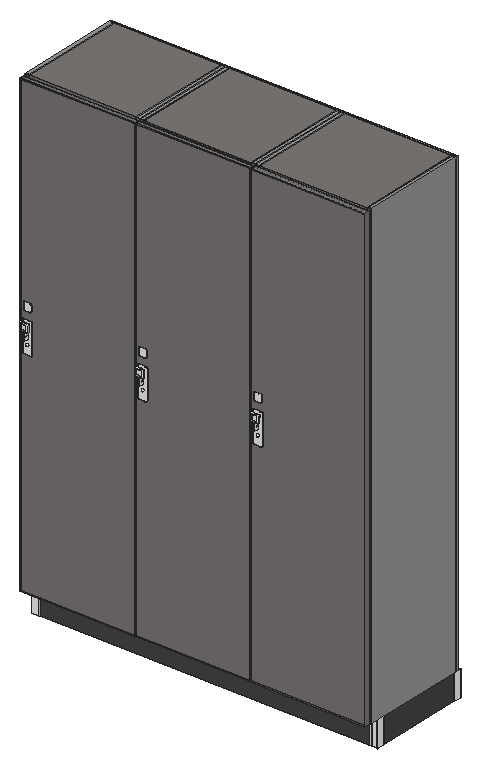
Revit family "Wood_Lockers_Hasps-Salsbury_Industries-18_41000_Series-3_Wide_Units.rfa", category Specialty Equipment, Revit 2016 (continued)
Definition of nested family "Premier Locker Doors_Hasp"
  Forms (in)
    Extrusion 6, solid, visible <- "Visible Number Plates", detail levels medium+fine
      sketch origin (-1.875, -0.375, 0) x (1, 0, 0) y (0, 0, 1)
        loop
          arc (-6.41334, 40.75) -> (-6.51881, 40.70631) -> (-6.5625, 40.60084) r 0.14916
          line (-6.5625, 40.60084) -> (-6.5625, 39.64916)
          arc (-6.5625, 39.64916) -> (-6.51881, 39.54369) -> (-6.41334, 39.5) r 0.14916
          line (-6.41334, 39.5) -> (-5.46166, 39.5)
          arc (-5.46166, 39.5) -> (-5.35619, 39.54369) -> (-5.3125, 39.64916) r 0.14916
          line (-5.3125, 39.64916) -> (-5.3125, 40.60084)
          arc (-5.3125, 40.60084) -> (-5.35619, 40.70631) -> (-5.46166, 40.75) r 0.14916
          line (-5.46166, 40.75) -> (-6.41334, 40.75)
      from -0.062 to 0
    Extrusion 7, solid, detail levels medium+fine
      sketch origin (0, 0.375, 0) x (1, 0, 0) y (0, 0, 1)
        loop
          circle (-8.4875, 71.3) r 0.25
      from 0 to -0.25
    Extrusion 8, solid, detail levels medium+fine
      sketch origin (0, 0.375, 0) x (1, 0, 0) y (0, 0, 1)
        loop
          line (8.3125, 68.5) -> (8.3125, 69) -> (7.8125, 69) -> (7.8125, 68.5) -> (8.3125, 68.5)
      from 0 to -0.25
    Extrusion 9, solid, detail levels medium+fine
      sketch origin (0, 0.375, -0.25) x (1, 0, 0) y (0, 0, 1)
        loop
          line (8.3125, 3) -> (8.3125, 3.5) -> (7.8125, 3.5) -> (7.8125, 3) -> (8.3125, 3)
      from 0 to -0.25
    Extrusion 10, solid, visible <- "Visible Center Hinge", detail levels medium+fine
      sketch origin (0, 0.375, -0.25) x (1, 0, 0) y (0, 0, 1)
        loop
          line (8.3125, 35.875) -> (8.3125, 36.375) -> (7.8125, 36.375) -> (7.8125, 35.875) -> (8.3125, 35.875)
      from 0 to -0.25
    Extrusion 11, void
      sketch origin (-1.875, -0.375, 0) x (1, 0, 0) y (0, 0, 1)
        loop
          arc (-6.5625, 38.3125) -> (-6.65089, 38.27589) -> (-6.6875, 38.1875) r 0.125
          line (-6.6875, 38.1875) -> (-6.6875, 33.5625)
          arc (-6.6875, 33.5625) -> (-6.65089, 33.47411) -> (-6.5625, 33.4375) r 0.125
          line (-6.5625, 33.4375) -> (-5.3125, 33.4375)
          arc (-5.3125, 33.4375) -> (-5.22411, 33.47411) -> (-5.1875, 33.5625) r 0.125
          line (-5.1875, 33.5625) -> (-5.1875, 38.1875)
          arc (-5.1875, 38.1875) -> (-5.22411, 38.27589) -> (-5.3125, 38.3125) r 0.125
          line (-5.3125, 38.3125) -> (-6.5625, 38.3125)
      from -0.062 to 0
    Extrusion 12, solid
      sketch origin (-1.875, -0.375, 0) x (1, 0, 0) y (0, 0, 1)
        loop
          line (-5.3125, 38.3125) -> (-6.5625, 38.3125)
          arc (-6.5625, 38.3125) -> (-6.65089, 38.27589) -> (-6.6875, 38.1875) r 0.125
          line (-6.6875, 38.1875) -> (-6.6875, 33.5625)
          arc (-6.6875, 33.5625) -> (-6.65089, 33.47411) -> (-6.5625, 33.4375) r 0.125
          line (-6.5625, 33.4375) -> (-5.3125, 33.4375)
          arc (-5.3125, 33.4375) -> (-5.22411, 33.47411) -> (-5.1875, 33.5625) r 0.125
          line (-5.1875, 33.5625) -> (-5.1875, 38.1875)
          arc (-5.1875, 38.1875) -> (-5.22411, 38.27589) -> (-5.3125, 38.3125) r 0.125
      from 0 to -0.062
    Extrusion 13, void
      sketch origin (-1.875, -0.375, 0) x (1, 0, 0) y (0, 0, 1)
        loop
          line (-6.1255, 36.6245) -> (-6.1255, 35.74816)
          arc (-6.1255, 35.74816) -> (-5.9375, 35.56016) -> (-5.7495, 35.74816) r 0.188
          line (-5.7495, 35.74816) -> (-5.7495, 36.6245)
          arc (-5.7495, 36.6245) -> (-5.9375, 36.8125) -> (-6.1255, 36.6245) r 0.188
      from 0 to -0.75
    Sweep 14, solid, detail levels medium+fine
      path origin (-1.875, -0.375, 0) x (1, 0, 0) y (0, 0, 1)
        loop
          circle (-5.9375, 34.8125) r 0.01
      profile origin (-7.8125, -0.375, 34.8225) x (0, 0, -1) y (0, -1, 0)
        loop
          line (0, 0) -> (0, 0.125)
          arc (0, 0.125) -> (-0.10032, 0.09036) -> (-0.156, 0) r 0.15776
          line (-0.156, 0) -> (0, 0)
    Extrusion 15, solid, detail levels medium+fine
      sketch origin (-1.875, -0.375, 0) x (1, 0, 0) y (0, 0, 1)
        loop
          circle (-5.9375, 34.8125) r 0.01
      from 0 to 0.125
    Sweep 16, solid
      path origin (-1.875, -0.375, 0) x (1, 0, 0) y (0, 0, 1)
        loop
          line (-6.5625, 38.1875) -> (-6.5625, 36.9375) -> (-5.3125, 36.9375) -> (-5.3125, 38.1875) -> (-6.5625, 38.1875)
      profile origin (-7.8125, -0.375, 38.1875) x (0, 0, 1) y (0, -1, 0)
        loop
          line (-0.38067, 0) -> (-0.38067, 0.24142)
          arc (-0.38067, 0.24142) -> (-0.34525, 0.34191) -> (-0.25465, 0.39797) r 0.16024
          arc (-0.25465, 0.39797) -> (-0.10494, 0.46941) -> (0, 0.59789) r 0.37946
          spline (0, 0.59789) -> (-0.00179, 0.61485) -> (-0.00715, 0.6316) -> (-0.01601, 0.64793) -> (-0.02825, 0.66364) -> (-0.04373, 0.67852) -> (-0.06225, 0.6924) -> (-0.08358, 0.7051) -> (-0.10745, 0.71647) -> (-0.13357, 0.72635) -> (-0.16161, 0.73463) -> (-0.19123, 0.74121) -> (-0.22204, 0.746)
          arc (-0.22204, 0.746) -> (-0.31051, 0.60028) -> (-0.42829, 0.47704) r 0.78682
          arc (-0.42829, 0.47704) -> (-0.50625, 0.37521) -> (-0.53396, 0.25) r 0.29673
          line (-0.53396, 0.25) -> (-0.53396, 0) -> (-0.38067, 0)
    Blend 17, solid
      base sketch origin (-1.875, -1.125, 0) x (0, 0, -1) y (-1, 0, 0)
        loop
          line (-37.96546, 6.34046) -> (-37.96546, 5.53454) -> (-37.15954, 5.53454) -> (-37.15954, 6.34046) -> (-37.96546, 6.34046)
      top sketch origin (-1.875, -1.125, 0) x (0, 0, -1) y (-1, 0, 0)
        loop
          line (-37.93279, 6.30777) -> (-37.93279, 5.56715) -> (-37.19211, 5.56715) -> (-37.19211, 6.30777) -> (-37.93279, 6.30777)
      from 0 to 0.031
    Extrusion 18, solid
      sketch origin (-7.8125, 0, 0) x (0, 0, -1) y (0, -1, 0)
        loop
          line (-35.6844, 1) -> (-36.6844, 1) -> (-36.6844, -0.375) -> (-35.6844, -0.375) -> (-35.6844, 1)
      from -0.063 to 0.063
    Extrusion 19, void
      sketch origin (-7.8125, 35.51803, 36.85077) x (0, 1, 0) y (0, 0, -1)
        loop
          circle (-36.1844, 0.66637) r 0.25
      from -0.063 to 0.063
  Cuts and joins
    Extrusion 5, Extrusion 13 cuts Extrusion 1
    Extrusion 5, Extrusion 11 cuts Extrusion 3
    Extrusion 13 cuts Extrusion 12
    Extrusion 13 cuts Extrusion 2
    Extrusion 19 cuts Extrusion 18
  Lines and regions (in)
    symbolic lines
      curve 1: line (-8.9375, 0.375, 0) -> (8.9375, 0.375, 0)
      curve 2: line (8.9375, 0.375, 0) -> (8.9375, 0.375, 71.75)
      curve 3: line (8.9375, 0.375, 71.75) -> (-8.9375, 0.375, 71.75)
      curve 4: line (-8.9375, 0.375, 71.75) -> (-8.9375, 0.375, 0)
      curve 5: line (-8.9375, 0.375, 71.625) -> (8.9375, 0.375, 71.625)
      curve 6: line (-8.9375, -0.375, 71.625) -> (-8.9375, 0.375, 71.625)
      curve 7: line (8.9375, -0.375, 71.625) -> (-8.9375, -0.375, 71.625)
      curve 8: line (8.9375, 0.375, 71.625) -> (8.9375, -0.375, 71.625)
      curve 9: line (8.3125, 0.375, 71.625) -> (8.3125, 0.625, 71.625)
      curve 10: line (8.3125, 0.625, 71.625) -> (7.8125, 0.625, 71.625)
      curve 11: line (7.8125, 0.625, 71.625) -> (7.8125, 0.375, 71.625)
      curve 12: line (-8.73713, 0.375, 71.625) -> (-8.73713, 0.625, 71.625)
      curve 13: line (-8.2375, 0.375, 71.625) -> (-8.2375, 0.625, 71.625)
      curve 14: line (-8.2375, 0.625, 71.625) -> (-8.73713, 0.625, 71.625)
      curve 15: line (-7.8125, -0.375, 71.75) -> (-7.8125, 0.375, 71.75)
      curve 16: line (-7.8125, -0.375, 0) -> (-7.8125, -0.375, 71.75)
      curve 17: line (-7.8125, 0.375, 0) -> (-7.8125, -0.375, 0)
      curve 18: line (-7.8125, 0.375, 71.75) -> (-7.8125, 0.375, 0)
      curve 19: line (-7.8125, 0.375, 69) -> (-7.8125, 0.625, 69)
      curve 20: line (-7.8125, 0.625, 69) -> (-7.8125, 0.625, 68.5)
      curve 21: line (-7.8125, 0.625, 68.5) -> (-7.8125, 0.375, 68.5)
      curve 22: line (-7.8125, 0.375, 3.25) -> (-7.8125, 0.625, 3.25)
      curve 23: line (-7.8125, 0.625, 3.25) -> (-7.8125, 0.625, 2.75)
      curve 24: line (-7.8125, 0.625, 2.75) -> (-7.8125, 0.375, 2.75)
      curve 25: line (-7.8125, 0.375, 36.125) -> (-7.8125, 0.625, 36.125)
      curve 26: line (-7.8125, 0.625, 36.125) -> (-7.8125, 0.625, 35.625)
      curve 27: line (-7.8125, 0.625, 35.625) -> (-7.8125, 0.375, 35.625)
      curve 28: line (-8.5625, -0.375, 71.625) -> (-7.0625, -0.375, 71.625)
      curve 29: line (-8.4375, -1.125, 38.3125) -> (-7.1875, -1.125, 38.3125)
      curve 30: arc (-7.0625, -1.125, 38.1875) -> (-7.09911, -1.125, 38.27589) -> (-7.1875, -1.125, 38.3125) r 0.125
      curve 31: arc (-8.4375, -1.125, 38.3125) -> (-8.52589, -1.125, 38.27589) -> (-8.5625, -1.125, 38.1875) r 0.125
      curve 32: line (-8.5625, -1.125, 33.5625) -> (-8.5625, -1.125, 38.1875)
      curve 33: line (-7.0625, -1.125, 38.1875) -> (-7.0625, -1.125, 33.5625)
      curve 34: arc (-7.1875, -1.125, 33.4375) -> (-7.09911, -1.125, 33.47411) -> (-7.0625, -1.125, 33.5625) r 0.125
      curve 35: arc (-8.5625, -1.125, 33.5625) -> (-8.52589, -1.125, 33.47411) -> (-8.4375, -1.125, 33.4375) r 0.125
      curve 36: line (-7.1875, -1.125, 33.4375) -> (-8.4375, -1.125, 33.4375)
      curve 37: arc (-7.6245, -1.125, 36.6245) -> (-7.8125, -1.125, 36.8125) -> (-8.0005, -1.125, 36.6245) r 0.188
      curve 38: arc (-8.0005, -1.125, 35.7505) -> (-7.8125, -1.125, 35.5625) -> (-7.6245, -1.125, 35.7505) r 0.188
      curve 39: line (-7.6245, -1.125, 36.6245) -> (-7.6245, -1.125, 35.7505)
      curve 40: line (-8.0005, -1.125, 35.7505) -> (-8.0005, -1.125, 36.6245)
      curve 41: line (-7.1875, -1.125, 36.9375) -> (-8.4375, -1.125, 36.9375)
      curve 42: line (-7.1875, -1.125, 38.1875) -> (-7.1875, -1.125, 36.9375)
      curve 43: line (-8.4375, -1.125, 36.9375) -> (-8.4375, -1.125, 38.1875)
      curve 44: line (-8.4375, -1.125, 38.1875) -> (-7.1875, -1.125, 38.1875)
      curve 45: line (-7.8755, -1.125, 36.6844) -> (-7.7495, -1.125, 36.6844)
      curve 46: line (-7.7495, -1.125, 36.6844) -> (-7.7495, -1.125, 35.6844)
      curve 47: line (-7.8755, -1.125, 35.6844) -> (-7.8755, -1.125, 36.6844)
      curve 48: line (-7.7495, -1.125, 35.6844) -> (-7.8755, -1.125, 35.6844)
      curve 49: line (-7.8125, -1, 36.6844) -> (-7.8125, -0.375, 36.6844)
      curve 50: line (-7.8125, -1, 35.6844) -> (-7.8125, -1, 36.6844)
      curve 51: line (-7.8125, -0.375, 35.6844) -> (-7.8125, -1, 35.6844)
      curve 52: arc (-7.8125, -0.91637, 36.1844) -> (-7.8125, -0.66637, 36.4344) -> (-7.8125, -0.41637, 36.1844) r 0.25
      curve 53: arc (-7.8125, -0.41637, 36.1844) -> (-7.8125, -0.66637, 35.9344) -> (-7.8125, -0.91637, 36.1844) r 0.25
      curve 54: line (-7.8125, -0.375, 37.31817) -> (-7.8125, -0.61642, 37.31817)
      curve 55: arc (-7.8125, -0.77297, 37.19215) -> (-7.8125, -0.71691, 37.28275) -> (-7.8125, -0.61642, 37.31817) r 0.16024
      curve 56: arc (-7.8125, -0.97289, 36.9375) -> (-7.8125, -0.84441, 37.04244) -> (-7.8125, -0.77297, 37.19215) r 0.37946
      curve 57: spline (-7.8125, -1.121, 37.15954) -> (-7.8125, -1.11621, 37.12873) -> (-7.8125, -1.10963, 37.09911) -> (-7.8125, -1.10135, 37.07107) -> (-7.8125, -1.09147, 37.04495) -> (-7.8125, -1.0801, 37.02108) -> (-7.8125, -1.0674, 36.99975) -> (-7.8125, -1.05352, 36.98123) -> (-7.8125, -1.03864, 36.96575) -> (-7.8125, -1.02293, 36.95351) -> (-7.8125, -1.0066, 36.94465) -> (-7.8125, -0.98985, 36.93929) -> (-7.8125, -0.97289, 36.9375)
      curve 58: line (-7.8125, -1.125, 37.15954) -> (-7.8125, -1.125, 37.96546)
      curve 59: spline (-7.8125, -1.121, 37.96546) -> (-7.8125, -1.11621, 37.99627) -> (-7.8125, -1.10963, 38.02589) -> (-7.8125, -1.10135, 38.05393) -> (-7.8125, -1.09147, 38.08005) -> (-7.8125, -1.0801, 38.10392) -> (-7.8125, -1.0674, 38.12525) -> (-7.8125, -1.05352, 38.14377) -> (-7.8125, -1.03864, 38.15925) -> (-7.8125, -1.02293, 38.17149) -> (-7.8125, -1.0066, 38.18035) -> (-7.8125, -0.98985, 38.18571) -> (-7.8125, -0.97289, 38.1875)
      curve 60: arc (-7.8125, -0.97289, 38.1875) -> (-7.8125, -0.84441, 38.08256) -> (-7.8125, -0.77297, 37.93285) r 0.37946
      curve 61: arc (-7.8125, -0.77297, 37.93285) -> (-7.8125, -0.71691, 37.84225) -> (-7.8125, -0.61642, 37.80683) r 0.16024
      curve 62: line (-7.8125, -0.61642, 37.80683) -> (-7.8125, -0.375, 37.80683)
      curve 63: line (-8.05683, -0.61642, 71.625) -> (-8.05683, -0.375, 71.625)
      curve 64: arc (-8.18285, -0.77297, 71.625) -> (-8.09225, -0.71691, 71.625) -> (-8.05683, -0.61642, 71.625) r 0.16024
      curve 65: arc (-8.4375, -0.97289, 71.625) -> (-8.33256, -0.84441, 71.625) -> (-8.18285, -0.77297, 71.625) r 0.37946
      curve 66: line (-7.40954, -1.125, 71.625) -> (-8.21546, -1.125, 71.625)
      curve 67: spline (-7.40954, -1.121, 71.625) -> (-7.37873, -1.11621, 71.625) -> (-7.34911, -1.10963, 71.625) -> (-7.32107, -1.10135, 71.625) -> (-7.29495, -1.09147, 71.625) -> (-7.27108, -1.0801, 71.625) -> (-7.24975, -1.0674, 71.625) -> (-7.23123, -1.05352, 71.625) -> (-7.21575, -1.03864, 71.625) -> (-7.20351, -1.02293, 71.625) -> (-7.19465, -1.0066, 71.625) -> (-7.18929, -0.98985, 71.625) -> (-7.1875, -0.97289, 71.625)
      curve 68: arc (-7.1875, -0.97289, 71.625) -> (-7.29244, -0.84441, 71.625) -> (-7.44215, -0.77297, 71.625) r 0.37946
      curve 69: arc (-7.44215, -0.77297, 71.625) -> (-7.53275, -0.71691, 71.625) -> (-7.56817, -0.61642, 71.625) r 0.16024
      curve 70: line (-7.56817, -0.375, 71.625) -> (-7.56817, -0.61642, 71.625)
      curve 71: spline (-8.21546, -1.121, 71.625) -> (-8.24627, -1.11621, 71.625) -> (-8.27589, -1.10963, 71.625) -> (-8.30393, -1.10135, 71.625) -> (-8.33005, -1.09147, 71.625) -> (-8.35392, -1.0801, 71.625) -> (-8.37525, -1.0674, 71.625) -> (-8.39377, -1.05352, 71.625) -> (-8.40925, -1.03864, 71.625) -> (-8.42149, -1.02293, 71.625) -> (-8.43035, -1.0066, 71.625) -> (-8.43571, -0.98985, 71.625) -> (-8.4375, -0.97289, 71.625)
    reference lines
      curve 72: line (-8.9375, 0, 71.75) -> (8.3435, 0, 71.75)
      curve 73: line (8.3435, 0, 71.75) -> (-8.9375, 0, 71.75)
  Dimensions and locks (in)
    equal spacing: plane 4 "Left Side of Door", plane 3 "Center (Left/Right)", plane 5 "Right Side of Door"
    "Width": plane 4 "Left Side of Door" to plane 5 "Right Side of Door"
    equal spacing: plane 7 "Front of Door", plane 1 "Center (Front/Back)", plane 6 "Back of Door"
    "Depth": plane 7 "Front of Door" to plane 6 "Back of Door"
    equal spacing: plane 9 "Top of Door", plane 10 "Center of Door", plane 8 "Bottom of Door"
    "Height": plane 9 "Top of Door" to plane 8 "Bottom of Door"
    equal spacing: plane 11 "Top of Number Tag", plane 16 "Center of Number Tag", plane 12 "Bottom of Number Tag"
    "Number Tag Height": plane 11 "Top of Number Tag" to plane 12 "Bottom of Number Tag"
    equal spacing: plane 14 "Right Side of Number Tag", plane 15 "Horizontal Center of Number Tag", plane 13 "Left Side of Number Tag"
    "Number Tag Width": plane 14 "Right Side of Number Tag" to plane 13 "Left Side of Number Tag"
    "Number Tag-Horizontal Offset": plane 15 "Horizontal Center of Number Tag" to plane 5 "Right Side of Door"
    "Number Tag-Vertical Offset": plane 9 "Top of Door" to plane 16 "Center of Number Tag"
    "Lock Horizontal Offset": plane 4 "Left Side of Door" to plane 17 "Left Side of Lock"
    equal spacing: plane 20 "Top of Lock", plane 19 "Lock Vertical Center", plane 21 "Bottom of Lock"
    "Lock Height": plane 20 "Top of Lock" to plane 21 "Bottom of Lock"
    "Lock Vertical Offset": plane 9 "Top of Door" to plane 19 "Lock Vertical Center"
    plane 22 "Front of Hasp Stud" to plane 7 "Front of Door" = 0.125"
    locked: plane 24 "Right Side of Door-Left Side of Trim" to plane 5 "Right Side of Door" at 0.125
    locked: plane 4 "Left Side of Door" to plane 23 "Left Side of Door-Right Side of Trim" at 0.125
    locked: plane 9 "Top of Door" to plane 25 "Top of Door-Bottom of Trim" at 0.125
    plane 26 "Bottom of Door-Top of Trim" to plane 8 "Bottom of Door" = 0.125"
    plane 28 "Melamine-Particleboard Line" to plane 6 "Back of Door" = 0.031"
    plane 7 "Front of Door" to plane 27 "Laminate-Particleboard Line" = 0.031"
    plane 27 "Laminate-Particleboard Line" to plane 29 "Back of Number Plate Inset" = 0.031"
    equal spacing: plane 18 "Right Side of Lock", plane 30 "Center of Lock", plane 17 "Left Side of Lock", locked at 0.75 each
    "Lock Width": plane 18 "Right Side of Lock" to plane 17 "Left Side of Lock"
    plane 22 "Front of Hasp Stud" to plane 31 = 0.312"
    plane 6 "Back of Door" to plane 32 "Door Stopper Plane" = 0.250"
    locked: plane 23 "Left Side of Door-Right Side of Trim" to plane 33 at 0.325
    locked: plane 25 "Top of Door-Bottom of Trim" to plane 34 at 0.325
    locked: plane 9 "Top of Door" to plane 35 "Top Hinge" at 3
    plane 36 to plane 5 "Right Side of Door" = 0.625"
    plane 6 "Back of Door" to plane 28 "Melamine-Particleboard Line" = 0.031"
    plane 9 "Top of Door" to plane 25 "Top of Door-Bottom of Trim" = 0.125"
    plane 7 "Front of Door" to plane 38 "Inner Knob" = 0.719"
    locked: plane 38 "Inner Knob" to plane 39 "Front of Knob" at 0.031
    locked: plane 40 to plane 20 "Top of Lock" at 1.125
    locked: plane 21 "Bottom of Lock" to plane 41 at 1.125
    locked: plane 20 "Top of Lock" to plane 42 at 0.125
    locked: plane 18 "Right Side of Lock" to plane 43 at 0.125
    locked: plane 44 to plane 17 "Left Side of Lock" at 0.125
    plane 42 to plane 45 = 1.250"
    locked: plane 45 to plane 46 "Top of Hole" at 0.125
    plane 48 to plane 30 "Center of Lock" to plane 47 = 0.188" locked, 0.188" locked
    locked: plane 46 "Top of Hole" to plane 49 "Bottom of Hole" at 1.25
    plane 49 "Bottom of Hole" to plane 50 "Stud Alignment" = 0.750"
    locked: plane 42 to plane 51 "Center of Handle" at 0.625
    plane 52 to plane 51 "Center of Handle" to plane 53 = 0.188" locked, 0.188" locked
    plane 7 "Front of Door" to plane 39 "Front of Knob" = 0.750"
    locked: plane 42 to plane 54 at 0.22204
    locked: plane 55 to plane 45 at 0.22204
    locked: plane 7 "Front of Door" to plane 56 "Front of Latch" at 0.625
    locked: plane 57 to plane 58 at 1
    locked: plane 46 "Top of Hole" to plane 57 at 0.1281
    equal spacing: plane 58, plane 59, plane 57
    locked: plane 60 to plane 5 "Right Side of Door" at 0.594
    locked: plane 57 to plane 61 at 0.0599
    locked: plane 62 to plane 58 at 0.06376
    plane 12 "Bottom of Number Tag" to plane 20 "Top of Lock" = 1.1875"
    aligned and locked: level to plane 2
    aligned and locked: Extrusion 5 to plane 11 "Top of Number Tag"
    aligned and locked: plane 12 "Bottom of Number Tag" to Extrusion 5
    aligned and locked: Extrusion 5 to plane 14 "Right Side of Number Tag"
    aligned and locked: Extrusion 5 to plane 13 "Left Side of Number Tag"
    aligned and locked: plane 29 "Back of Number Plate Inset" to Extrusion 5
    aligned and locked: plane 7 "Front of Door" to Extrusion 5
    aligned and locked: plane 29 "Back of Number Plate Inset" to Extrusion 6
    aligned and locked: plane 7 "Front of Door" to Extrusion 6
    aligned and locked: Extrusion 6 to plane 14 "Right Side of Number Tag"
    aligned and locked: Extrusion 6 to plane 13 "Left Side of Number Tag"
    aligned and locked: Extrusion 6 to plane 11 "Top of Number Tag"
    aligned and locked: plane 12 "Bottom of Number Tag" to Extrusion 6
    aligned and locked: curve 9 to Extrusion 8
    aligned and locked: curve 10 to Extrusion 8
    aligned and locked: curve 11 to Extrusion 8
    aligned and locked: Extrusion 7 to curve 12
    aligned and locked: curve 14 to Extrusion 7
    aligned and locked: curve 16 to plane 7 "Front of Door"
    aligned and locked: curve 19 to Extrusion 8  (x2)
    aligned and locked: curve 21 to Extrusion 8
    aligned and locked: curve 18 to curve 22
    aligned and locked: curve 22 to Extrusion 9  (x2)
    aligned and locked: curve 24 to Extrusion 9
    aligned and locked: curve 25 to Extrusion 10
    aligned and locked: curve 26 to Extrusion 10
    aligned and locked: curve 27 to Extrusion 10
    aligned and locked: plane 20 "Top of Lock" to Extrusion 11 sketch curve
    aligned and locked: Extrusion 11 sketch curve to plane 21 "Bottom of Lock"
    aligned and locked: Extrusion 11 to plane 29 "Back of Number Plate Inset"
    aligned and locked: plane 7 "Front of Door" to Extrusion 11
    aligned and locked: Extrusion 3 to Extrusion 11
    aligned and locked: Sweep 14 to plane 50 "Stud Alignment"  (x2)
    aligned and locked: Extrusion 15 to plane 7 "Front of Door"
    aligned and locked: Extrusion 15 to plane 22 "Front of Hasp Stud"
    aligned and locked: Extrusion 15 to plane 50 "Stud Alignment"
    aligned and locked: Blend 17 to plane 39 "Front of Knob"
    aligned and locked: plane 38 "Inner Knob" to Blend 17
    aligned and locked: plane 6 "Back of Door" to Extrusion 18 sketch curve
    aligned and locked: plane 56 "Front of Latch" to Extrusion 18 sketch curve
    aligned and locked: Extrusion 18 to plane 57
    aligned and locked: plane 58 to Extrusion 18
    aligned and locked: plane 59 to cut or joined group of Extrusion 18, Extrusion 19
    aligned and locked: Extrusion 13 sketch curve to plane 61  (x2)
    aligned and locked: Extrusion 13 sketch curve to plane 62  (x2)
  Automatic sketch dimensions
    Extrusion 1 sketch curve to plane 4 "Left Side of Door" = 0.031"
    plane 5 "Right Side of Door" to Extrusion 1 sketch curve = 0.031"
    level to Extrusion 1 sketch curve = 0.031"
    plane 9 "Top of Door" to Extrusion 1 sketch curve = 0.031"
    Extrusion 2 sketch curve to plane 4 "Left Side of Door" = 0.031"
    plane 5 "Right Side of Door" to Extrusion 2 sketch curve = 0.031"
    level to Extrusion 2 sketch curve = 0.031"
    plane 9 "Top of Door" to Extrusion 2 sketch curve = 0.031"
    Extrusion 3 sketch curve to plane 4 "Left Side of Door" = 0.031"
    plane 5 "Right Side of Door" to Extrusion 3 sketch curve = 0.031"
    level to Extrusion 3 sketch curve = 0.031"
    plane 9 "Top of Door" to Extrusion 3 sketch curve = 0.031"
    plane 23 "Left Side of Door-Right Side of Trim" to Sweep 4 sketch curve = 0.000"
    plane 24 "Right Side of Door-Left Side of Trim" to Sweep 4 sketch curve = 0.000"  (x2)
    Sweep 4 sketch curve to plane 26 "Bottom of Door-Top of Trim" = 0.000"
    Sweep 4 sketch curve to plane 25 "Top of Door-Bottom of Trim" = 0.000"
    profile plane to Sweep 4 sketch curve = 0.125"
    Sweep 4 sketch curve to Sweep 4 sketch curve = 0.031"
    Sweep 4 sketch curve to plane 1 "Center (Front/Back)" = 0.375"
    plane 1 "Center (Front/Back)" to Sweep 4 sketch curve = 0.375"
    Extrusion 7 sketch curve to plane 33 = 0.000"
    Extrusion 7 sketch curve to plane 34 = 0.000"
    plane 36 to Extrusion 8 sketch curve = 0.000"
    Extrusion 8 sketch curve to Extrusion 8 sketch curve = 0.500"
    plane 35 "Top Hinge" to Extrusion 8 sketch curve = 0.250"
    Extrusion 8 sketch curve to plane 35 "Top Hinge" = 0.250"
    plane 36 to Extrusion 9 sketch curve = 0.000"
    Extrusion 9 sketch curve to Extrusion 9 sketch curve = 0.500"
    plane 37 "Bottom Hinge" to Extrusion 9 sketch curve = 0.250"
    Extrusion 9 sketch curve to plane 37 "Bottom Hinge" = 0.250"
    plane 36 to Extrusion 10 sketch curve = 0.000"
    Extrusion 10 sketch curve to Extrusion 10 sketch curve = 0.500"
    curve 4 to level = 0.000"
    plane 4 "Left Side of Door" to curve 4 = 0.000"
    plane 5 "Right Side of Door" to curve 3 = 0.000"
    curve 3 to plane 9 "Top of Door" = 0.000"
    Extrusion 5 sketch curve to plane 13 "Left Side of Number Tag" = 0.000"
    Extrusion 5 sketch curve to plane 12 "Bottom of Number Tag" = 0.000"
    Extrusion 5 sketch curve to plane 11 "Top of Number Tag" = 0.000"
    Extrusion 5 sketch curve to plane 14 "Right Side of Number Tag" = 0.000"
    Extrusion 6 sketch curve to plane 13 "Left Side of Number Tag" = 0.000"
    Extrusion 6 sketch curve to plane 12 "Bottom of Number Tag" = 0.000"
    Extrusion 6 sketch curve to plane 11 "Top of Number Tag" = 0.000"
    Extrusion 6 sketch curve to plane 14 "Right Side of Number Tag" = 0.000"
    Extrusion 11 sketch curve to plane 13 "Left Side of Number Tag" = 0.125"
    Extrusion 10 sketch curve to plane 10 "Center of Door" = 0.250"
    plane 10 "Center of Door" to Extrusion 10 sketch curve = 0.250"
    Extrusion 11 sketch curve to plane 21 "Bottom of Lock" = 0.125"
    plane 13 "Left Side of Number Tag" to Extrusion 5 sketch curve = 0.14916"
    Extrusion 5 sketch curve to Extrusion 5 sketch curve = 0.14916"  (x2)
    plane 13 "Left Side of Number Tag" to Extrusion 6 sketch curve = 0.14916"
    Extrusion 6 sketch curve to plane 12 "Bottom of Number Tag" = 0.14916"
    plane 13 "Left Side of Number Tag" to Extrusion 11 sketch curve = 0.000"  (x2)
    Extrusion 5 sketch curve to plane 12 "Bottom of Number Tag" = 0.14916"
    Extrusion 6 sketch curve to plane 14 "Right Side of Number Tag" = 0.14916"  (x2)
    plane 14 "Right Side of Number Tag" to Extrusion 11 sketch curve = 0.000"  (x2)
    Extrusion 12 sketch curve to plane 17 "Left Side of Lock" = 0.000"
    plane 13 "Left Side of Number Tag" to Extrusion 12 sketch curve = 0.000"  (x2)
    plane 14 "Right Side of Number Tag" to Extrusion 12 sketch curve = 0.000"  (x2)
    Extrusion 12 sketch curve to plane 20 "Top of Lock" = 0.000"
    Extrusion 12 sketch curve to plane 18 "Right Side of Lock" = 0.000"
    Extrusion 12 sketch curve to plane 21 "Bottom of Lock" = 0.125"
    plane 15 "Horizontal Center of Number Tag" to Sweep 14 sketch curve = 0.000"
    Sweep 14 sketch curve to plane 50 "Stud Alignment" = 0.000"
    Sweep 14 sketch curve to plane 7 "Front of Door" = 0.000"
    Sweep 14 sketch curve to profile plane = 0.000"
    profile plane to Sweep 14 sketch curve = 0.00168"
    profile plane to Sweep 14 sketch curve = 0.156"
    Sweep 14 sketch curve to plane 7 "Front of Door" = 0.03275"
    Extrusion 15 sketch curve to Extrusion 15 sketch curve = 0.000"  (x2)
    Extrusion 15 sketch curve to plane 50 "Stud Alignment" = 0.000"
    plane 15 "Horizontal Center of Number Tag" to Extrusion 15 sketch curve = 0.000"
    plane 15 "Horizontal Center of Number Tag" to Extrusion 15 sketch curve = 0.010"
    plane 13 "Left Side of Number Tag" to Sweep 16 sketch curve = 0.000"
    plane 14 "Right Side of Number Tag" to Sweep 16 sketch curve = 0.000"
    Sweep 16 sketch curve to plane 45 = 0.000"
    Sweep 16 sketch curve to plane 42 = 0.000"
    Sweep 16 sketch curve to plane 7 "Front of Door" = 0.000"
    profile plane to Sweep 16 sketch curve = 0.000"
    profile plane to Sweep 16 sketch curve = 0.22043"
    Sweep 16 sketch curve to Sweep 16 sketch curve = 0.01681"
    profile plane to Sweep 16 sketch curve = 0.33926"
    Sweep 16 sketch curve to Sweep 16 sketch curve = 0.14344"
    Sweep 16 sketch curve to Sweep 16 sketch curve = 0.15329"
    Sweep 16 sketch curve to Sweep 16 sketch curve = 0.59563"
    Sweep 16 sketch curve to Sweep 16 sketch curve = 0.24142"
    Sweep 16 sketch curve to Sweep 16 sketch curve = 0.00858"
    Sweep 16 sketch curve to Sweep 16 sketch curve = 0.51788"
    Sweep 16 sketch curve to Sweep 16 sketch curve = 0.31119"
    Sweep 16 sketch curve to Sweep 16 sketch curve = 0.11721"
    Sweep 16 sketch curve to Sweep 16 sketch curve = 0.01742"
    Sweep 16 sketch curve to Sweep 16 sketch curve = 0.06553"
    Sweep 16 sketch curve to Sweep 16 sketch curve = 0.000"
    Blend 17 sketch curve to plane 54 = 0.000"
    Blend 17 sketch curve to plane 55 = 0.000"
    Blend 17 sketch curve to plane 47 = 0.21496"
    plane 48 to Blend 17 sketch curve = 0.21496"
    plane 54 to Blend 17 sketch curve = 0.03267"
    Blend 17 sketch curve to plane 40 = 0.00461"
    Blend 17 sketch curve to plane 47 = 0.18235"
    plane 48 to Blend 17 sketch curve = 0.18227"
    Extrusion 18 sketch curve to plane 57 = 0.000"
    Extrusion 18 sketch curve to plane 58 = 0.000"
    plane 59 to Extrusion 19 sketch curve = 0.000"
    Extrusion 19 sketch curve to plane 22 "Front of Hasp Stud" = 0.16637"
    curve 29 to plane 14 "Right Side of Number Tag" = 0.000"
    curve 29 to plane 20 "Top of Lock" = 0.000"
    curve 30 to plane 18 "Right Side of Lock" = 0.000"
    curve 29 to plane 13 "Left Side of Number Tag" = 0.000"
    curve 31 to plane 42 = 0.000"
    curve 32 to plane 21 "Bottom of Lock" = 0.125"
    curve 34 to plane 14 "Right Side of Number Tag" = 0.000"
    curve 35 to plane 13 "Left Side of Number Tag" = 0.000"
    plane 15 "Horizontal Center of Number Tag" to curve 37 = 0.000"
    plane 47 to curve 37 = 0.000"
    plane 57 to curve 37 = 0.0599"
    curve 39 to plane 58 = 0.0661"
    curve 42 to plane 14 "Right Side of Number Tag" = 0.000"
    curve 41 to plane 13 "Left Side of Number Tag" = 0.000"
    curve 41 to plane 45 = 0.000"
    curve 43 to plane 42 = 0.000"
    curve 46 to plane 57 = 0.000"
    curve 46 to plane 15 "Horizontal Center of Number Tag" = 0.063"
    plane 15 "Horizontal Center of Number Tag" to curve 45 = 0.063"
    curve 47 to plane 58 = 0.000"
    curve 15 to plane 6 "Back of Door" = 0.000"
    plane 9 "Top of Door" to curve 15 = 0.000"
    plane 57 to curve 49 = 0.000"
    curve 51 to plane 56 "Front of Latch" = 0.000"
    plane 58 to curve 51 = 0.000"
    curve 17 to level = 0.000"
    plane 59 to curve 52 = 0.000"
    curve 53 to plane 22 "Front of Hasp Stud" = 0.16637"
    plane 7 "Front of Door" to curve 53 = 0.04137"
    plane 53 to curve 54 = 0.05633"
    curve 54 to plane 22 "Front of Hasp Stud" = 0.11642"
    plane 55 to curve 55 = 0.00161"
    curve 55 to plane 40 = 0.00465"
    plane 45 to curve 56 = 0.000"
    curve 56 to plane 39 "Front of Knob" = 0.01788"
    curve 56 to plane 40 = 0.08926"
    plane 55 to curve 57 = 0.000"
    curve 57 to plane 40 = 0.03757"
    plane 39 "Front of Knob" to curve 57 = 0.004"
    plane 42 to curve 60 = 0.000"
    curve 58 to plane 39 "Front of Knob" = 0.000"
    plane 54 to curve 58 = 0.000"
    plane 54 to curve 59 = 0.000"
    plane 55 to curve 58 = 0.000"
    curve 60 to plane 39 "Front of Knob" = 0.01788"
    curve 60 to plane 52 = 0.09774"
    plane 54 to curve 60 = 0.03261"
    plane 56 "Front of Latch" to curve 59 = 0.02711"
    plane 54 to curve 59 = 0.06553"
    plane 39 "Front of Knob" to curve 59 = 0.004"
    curve 61 to plane 54 = 0.00161"
    curve 61 to plane 22 "Front of Hasp Stud" = 0.11642"
    plane 6 "Back of Door" to curve 9 = 0.000"
    curve 6 to plane 4 "Left Side of Door" = 0.000"
    plane 7 "Front of Door" to curve 6 = 0.000"
    plane 7 "Front of Door" to curve 28 = 0.000"
    curve 67 to plane 14 "Right Side of Number Tag" = 0.000"
    curve 65 to plane 13 "Left Side of Number Tag" = 0.000"
    curve 66 to plane 39 "Front of Knob" = 0.000"
    curve 28 to plane 17 "Left Side of Lock" = 0.000"
    curve 28 to plane 18 "Right Side of Lock" = 0.000"
    curve 8 to plane 5 "Right Side of Door" = 0.000"
    curve 64 to plane 22 "Front of Hasp Stud" = 0.11642"
    curve 69 to plane 22 "Front of Hasp Stud" = 0.11642"
    curve 68 to plane 39 "Front of Knob" = 0.01788"
    curve 65 to plane 39 "Front of Knob" = 0.01788"
    curve 14 to plane 23 "Left Side of Door-Right Side of Trim" = 0.07537"
    plane 48 to curve 64 = 0.21657"
    plane 48 to curve 65 = 0.09774"
    plane 48 to curve 63 = 0.05633"
    curve 70 to plane 47 = 0.05633"
    curve 68 to plane 47 = 0.09774"
    curve 69 to curve 69 = 0.16024"
    curve 64 to curve 65 = 0.15655"
    curve 69 to curve 68 = 0.15655"
    plane 39 "Front of Knob" to curve 67 = 0.004"
    plane 33 to curve 14 = 0.250"
    curve 66 to curve 65 = 0.11721"
    curve 67 to plane 47 = 0.14943"
    curve 68 to curve 66 = 0.11721"
    curve 67 to curve 66 = 0.000"
    plane 39 "Front of Knob" to curve 71 = 0.004"
    curve 71 to curve 66 = 0.000"
    plane 48 to curve 71 = 0.14943"
    plane 1 "Center (Front/Back)" to curve 73 = 0.000"
    curve 73 to plane 4 "Left Side of Door" = 0.000"
    curve 73 to plane 60 = 0.000"
    plane 48 to Extrusion 13 sketch curve = 0.000"
    plane 15 "Horizontal Center of Number Tag" to Extrusion 13 sketch curve = 0.000"
    radius of Extrusion 7 sketch curve = 0.250"
    radius of Sweep 14 sketch curve = 0.010"
    radius of Extrusion 19 sketch curve = 0.250"
Definition of nested family "Wood Locker Bases"
  Parameters (values of type "Base - 18" W x 18" D Lockers")
    Width = 18.000"
    Visible Base = yes
    Visible = no
    Model = "Base - 18\" W x 18\" D Lockers"
    Manufacturer = "Salsbury Industries"
    Height = 4.000"
    Depth = 16.250"
    Base Secondary Material = none
    Base Primary Materials = none
    Base Hardware = none
  Types (8): name | Width | Visible Base | Visible | Model | Depth
    (no name) | 18.000" | yes | no | "Base - 18\" W x 18\" D Lockers" | 16.250"
    Base - 18" W x 18" D Lockers | 18.000" | yes | no | "Base - 18\" W x 18\" D Lockers" | 16.250"
    Base - 18" W x 21" D Lockers | 18.000" | yes | no | "Base - 18\" W x 21\" D Lockers" | 19.250"
    Base - 18" W x 24" D Lockers | 18.000" | yes | no | "Base - 18\" W x 24\" D Lockers" | 22.250"
    Base - 54" W x 18" D Lockers | 54.000" | yes | yes | "Base - 54\" W x 18\" D Lockers" | 16.250"
    Base - 54" W x 21" D Lockers | 54.000" | yes | yes | "Base - 54\" W x 21\" D Lockers" | 19.250"
    Base - 54" W x 24" D Lockers | 54.000" | yes | yes | "Base - 54\" W x 24\" D Lockers" | 22.250"
    None | 12.000" | no | no | "Base - 12\" W x 15\" D Lockers" | 13.250"
  Reference planes (in)
    plane 1 "Center (Front/Back)": y = 0
    plane 2: z = 0
    plane 3 "Center (Left/Right)": x = 0
    plane 4 "Left Edge": x = -9
    plane 5 "Right Edge": x = 9
    plane 6 "Back Edge": y = 8.125
    plane 7 "Front Edge": y = -8.125
    plane 8 "Bottom Edge": z = 0
    plane 9 "Top Edge": z = 4
    plane 10: x = -7.75
    plane 11: x = -7.102
    plane 12: y = 8.062
    plane 13: y = 7.3
    plane 14: x = -8.131
    plane 15: x = -8.256
    plane 16: x = -8.937
    plane 17: x = -8.175
    plane 18: y = 6.227
    plane 19: y = 6.875
    plane 20: y = 7.256
    plane 21: y = 7.381
    plane 22: x = -8.931
    plane 23: x = 8.931
    plane 24: y = 8.056
    plane 25: y = -8.056
    plane 26: y = 8.025
    plane 27: y = -8.025
    plane 28: x = -8.9
    plane 29: x = 8.9
    plane 30: x = -2.375
    plane 31: x = 2.375
  Forms (in)
    Extrusion 1, solid, material <- "Base Hardware", visible <- "Visible Base"
      sketch origin (0, 0, 0) x (1, 0, 0) y (0, 1, 0)
        loop
          arc (-8.96712, 8.125) -> (-8.99098, 8.11598) -> (-9, 8.09212) r 0.031
          line (-9, 8.09212) -> (-9, 6.9065)
          arc (-9, 6.9065) -> (-8.9685, 6.875) -> (-8.937, 6.9065) r 0.0315
          line (-8.937, 6.9065) -> (-8.937, 7.256) -> (-8.837, 7.256) -> (-8.837, 7.319) -> (-8.937, 7.319) -> (-8.937, 8.01465) -> (-8.256, 7.33365) -> (-8.256, 7.256) -> (-8.175, 7.256) -> (-8.175, 6.25833)
          arc (-8.175, 6.25833) -> (-8.14367, 6.227) -> (-8.11235, 6.25833) r 0.03133
          line (-8.11235, 6.25833) -> (-8.11235, 7.23703) -> (-7.13348, 7.23703)
          arc (-7.13348, 7.23703) -> (-7.102, 7.26852) -> (-7.13348, 7.3) r 0.03148
          line (-7.13348, 7.3) -> (-8.131, 7.3) -> (-8.131, 7.381) -> (-8.21422, 7.381) -> (-8.89522, 8.062) -> (-8.194, 8.062) -> (-8.194, 7.962) -> (-8.131, 7.962) -> (-8.131, 8.062) -> (-7.7814, 8.062)
          arc (-7.7814, 8.062) -> (-7.7499, 8.0935) -> (-7.7814, 8.125) r 0.0315
          line (-7.7814, 8.125) -> (-8.96712, 8.125)
      from 0 to 4
    Extrusion 2, solid, material <- "Base Hardware", visible <- "Visible Base"
      sketch origin (0, 0, 0) x (-1, 0, 0) y (0, -1, 0)
        loop
          line (-8.96712, -8.125) -> (-7.7814, -8.125)
          arc (-7.7814, -8.125) -> (-7.7499, -8.0935) -> (-7.7814, -8.062) r 0.0315
          line (-7.7814, -8.062) -> (-8.131, -8.062) -> (-8.131, -7.962) -> (-8.194, -7.962) -> (-8.194, -8.062) -> (-8.89522, -8.062) -> (-8.21422, -7.381) -> (-8.131, -7.381) -> (-8.131, -7.3) -> (-7.13348, -7.3)
          arc (-7.13348, -7.3) -> (-7.102, -7.26852) -> (-7.13348, -7.23703) r 0.03148
          line (-7.13348, -7.23703) -> (-8.11235, -7.23703) -> (-8.11235, -6.25833)
          arc (-8.11235, -6.25833) -> (-8.14367, -6.227) -> (-8.175, -6.25833) r 0.03133
          line (-8.175, -6.25833) -> (-8.175, -7.256) -> (-8.256, -7.256) -> (-8.256, -7.33365) -> (-8.937, -8.01465) -> (-8.937, -7.319) -> (-8.837, -7.319) -> (-8.837, -7.256) -> (-8.937, -7.256) -> (-8.937, -6.9065)
          arc (-8.937, -6.9065) -> (-8.9685, -6.875) -> (-9, -6.9065) r 0.0315
          line (-9, -6.9065) -> (-9, -8.09212)
          arc (-9, -8.09212) -> (-8.99098, -8.11598) -> (-8.96712, -8.125) r 0.031
      from 0 to 4
    Extrusion 3, solid, material <- "Base Hardware", visible <- "Visible Base"
      sketch origin (0, 0, 0) x (1, 0, 0) y (0, 1, 0)
        loop
          line (-8.96712, -8.125) -> (-7.7814, -8.125)
          arc (-7.7814, -8.125) -> (-7.7499, -8.0935) -> (-7.7814, -8.062) r 0.0315
          line (-7.7814, -8.062) -> (-8.131, -8.062) -> (-8.131, -7.962) -> (-8.194, -7.962) -> (-8.194, -8.062) -> (-8.89522, -8.062) -> (-8.21422, -7.381) -> (-8.131, -7.381) -> (-8.131, -7.3) -> (-7.13348, -7.3)
          arc (-7.13348, -7.3) -> (-7.102, -7.26852) -> (-7.13348, -7.23703) r 0.03148
          line (-7.13348, -7.23703) -> (-8.11235, -7.23703) -> (-8.11235, -6.25833)
          arc (-8.11235, -6.25833) -> (-8.14367, -6.227) -> (-8.175, -6.25833) r 0.03133
          line (-8.175, -6.25833) -> (-8.175, -7.256) -> (-8.256, -7.256) -> (-8.256, -7.33365) -> (-8.937, -8.01465) -> (-8.937, -7.319) -> (-8.837, -7.319) -> (-8.837, -7.256) -> (-8.937, -7.256) -> (-8.937, -6.9065)
          arc (-8.937, -6.9065) -> (-8.9685, -6.875) -> (-9, -6.9065) r 0.0315
          line (-9, -6.9065) -> (-9, -8.09212)
          arc (-9, -8.09212) -> (-8.99098, -8.11598) -> (-8.96712, -8.125) r 0.031
      from 0 to 4
    Extrusion 4, solid, material <- "Base Hardware", visible <- "Visible Base"
      sketch origin (0, 0, 0) x (-1, 0, 0) y (0, -1, 0)
        loop
          arc (-8.96712, 8.125) -> (-8.99098, 8.11598) -> (-9, 8.09212) r 0.031
          line (-9, 8.09212) -> (-9, 6.9065)
          arc (-9, 6.9065) -> (-8.9685, 6.875) -> (-8.937, 6.9065) r 0.0315
          line (-8.937, 6.9065) -> (-8.937, 7.256) -> (-8.837, 7.256) -> (-8.837, 7.319) -> (-8.937, 7.319) -> (-8.937, 8.01465) -> (-8.256, 7.33365) -> (-8.256, 7.256) -> (-8.175, 7.256) -> (-8.175, 6.25833)
          arc (-8.175, 6.25833) -> (-8.14367, 6.227) -> (-8.11235, 6.25833) r 0.03133
          line (-8.11235, 6.25833) -> (-8.11235, 7.23703) -> (-7.13348, 7.23703)
          arc (-7.13348, 7.23703) -> (-7.102, 7.26852) -> (-7.13348, 7.3) r 0.03148
          line (-7.13348, 7.3) -> (-8.131, 7.3) -> (-8.131, 7.381) -> (-8.21422, 7.381) -> (-8.89522, 8.062) -> (-8.194, 8.062) -> (-8.194, 7.962) -> (-8.131, 7.962) -> (-8.131, 8.062) -> (-7.7814, 8.062)
          arc (-7.7814, 8.062) -> (-7.7499, 8.0935) -> (-7.7814, 8.125) r 0.0315
          line (-7.7814, 8.125) -> (-8.96712, 8.125)
      from 0 to 4
    Extrusion 5, solid, material <- "Base Secondary Material", visible <- "Visible Base"
      sketch origin (0, 0, 0) x (0, -1, 0) y (1, 0, 0)
        loop
          line (-7.256, 8.9) -> (-7.256, 8.181) -> (7.25697, 8.181) -> (7.25697, 8.9) -> (-7.256, 8.9)
      from 0 to 4
    Extrusion 6, solid, material <- "Base Secondary Material", visible <- "Visible Base"
      sketch origin (0, 0, 0) x (0, -1, 0) y (1, 0, 0)
        loop
          line (-7.256, -8.9) -> (7.25697, -8.9) -> (7.25697, -8.181) -> (-7.256, -8.181) -> (-7.256, -8.9)
      from 0 to 4
    Extrusion 7, solid, material <- "Base Secondary Material", visible <- "Visible Base"
      sketch origin (-2.05521, 0.625, 0) x (1, 0, 0) y (0, 1, 0)
        loop
          line (-6.07579, 7.4) -> (-6.07579, 6.681) -> (10.18621, 6.681) -> (10.18621, 7.4) -> (-6.07579, 7.4)
      from 0 to 4
    Extrusion 8, solid, material <- "Base Secondary Material", visible <- "Visible Base"
      sketch origin (-2.05521, -0.625, 0) x (1, 0, 0) y (0, 1, 0)
        loop
          line (-6.07579, -7.4) -> (10.18621, -7.4) -> (10.18621, -6.681) -> (-6.07579, -6.681) -> (-6.07579, -7.4)
      from 0 to 4
    Extrusion 9, solid, material <- "Base Primary Materials", visible <- "Visible Base"
      sketch origin (0.76452, 0, 0) x (0, -1, 0) y (1, 0, 0)
        loop
          line (-7.256, 8.16648) -> (-7.256, 8.13548) -> (7.25697, 8.13548) -> (7.25697, 8.16648) -> (-7.256, 8.16648)
      from 0 to 4
    Extrusion 10, solid, material <- "Base Primary Materials", visible <- "Visible Base"
      sketch origin (-0.719, 0, 0) x (0, -1, 0) y (1, 0, 0)
        loop
          line (-7.256, -8.212) -> (7.25697, -8.212) -> (7.25697, -8.181) -> (-7.256, -8.181) -> (-7.256, -8.212)
      from 0 to 4
    Extrusion 11, solid, material <- "Base Primary Materials", visible <- "Visible Base"
      sketch origin (-2.05521, 1.344, 0) x (1, 0, 0) y (0, 1, 0)
        loop
          line (-6.07579, 6.718) -> (-6.07579, 6.681) -> (10.18621, 6.681) -> (10.18621, 6.718) -> (-6.07579, 6.718)
      from 0 to 4
    Extrusion 12, solid, material <- "Base Primary Materials", visible <- "Visible Base"
      sketch origin (-2.05521, -1.344, 0) x (1, 0, 0) y (0, 1, 0)
        loop
          line (-6.07579, -6.712) -> (10.18621, -6.712) -> (10.18621, -6.681) -> (-6.07579, -6.681) -> (-6.07579, -6.712)
      from 0 to 4
    Extrusion 13, solid, material <- "Base Secondary Material", visible <- "Visible"
      sketch origin (0, 0, 4) x (0, -1, 0) y (1, 0, 0)
        loop
          line (-7.306, -2.375) -> (7.306, -2.375) -> (7.306, 2.375) -> (-7.306, 2.375) -> (-7.306, -2.375)
      from 0 to -0.75
    Extrusion 14, solid, material <- "Base Secondary Material", visible <- "Visible"
      sketch origin (0, 0, 0) x (0, -1, 0) y (1, 0, 0)
        loop
          line (-7.306, -2.375) -> (-6.556, -2.375) -> (-6.556, 2.375) -> (-7.306, 2.375) -> (-7.306, -2.375)
      from 0 to 3.25
    Extrusion 15, solid, material <- "Base Secondary Material", visible <- "Visible"
      sketch origin (0, 0, 0) x (0, 1, 0) y (-1, 0, 0)
        loop
          line (-7.306, 2.375) -> (-7.306, -2.375) -> (-6.556, -2.375) -> (-6.556, 2.375) -> (-7.306, 2.375)
      from 0 to 3.25
  Dimensions and locks (in)
    equal spacing: plane 4 "Left Edge", plane 3 "Center (Left/Right)", plane 5 "Right Edge"
    "Width": plane 4 "Left Edge" to plane 5 "Right Edge"
    equal spacing: plane 7 "Front Edge", plane 1 "Center (Front/Back)", plane 6 "Back Edge"
    "Depth": plane 7 "Front Edge" to plane 6 "Back Edge"
    "Height": plane 9 "Top Edge" to plane 8 "Bottom Edge"
    locked: plane 4 "Left Edge" to plane 10 at 1.25
    locked: plane 4 "Left Edge" to plane 11 at 1.898
    locked: plane 12 to plane 6 "Back Edge" at 0.063
    plane 14 to plane 10 = 0.381"
    locked: plane 12 to plane 13 at 0.762
    locked: plane 4 "Left Edge" to plane 16 at 0.063
    locked: plane 16 to plane 17 at 0.762
    locked: plane 19 to plane 6 "Back Edge" at 1.25
    locked: plane 18 to plane 6 "Back Edge" at 1.898
    plane 15 to plane 17 = 0.081"
    plane 21 to plane 13 = 0.081"
    plane 19 to plane 20 = 0.381"
    plane 24 to plane 6 "Back Edge" = 0.069"
    plane 7 "Front Edge" to plane 25 = 0.069"
    plane 23 to plane 5 "Right Edge" = 0.069"
    plane 4 "Left Edge" to plane 22 = 0.069"
    plane 26 to plane 24 = 0.031"
    plane 25 to plane 27 = 0.031"
    plane 22 to plane 28 = 0.031"
    plane 29 to plane 23 = 0.031"
    plane 30 to plane 3 "Center (Left/Right)" to plane 31 = 2.375" locked, 2.375" locked
    aligned and locked: level to plane 2
    aligned and locked: plane 30 to Extrusion 13
    aligned and locked: plane 30 to Extrusion 14
    aligned and locked: plane 30 to Extrusion 15
    aligned and locked: Extrusion 13 to plane 31
    aligned and locked: Extrusion 14 to plane 31
    aligned and locked: Extrusion 15 to plane 31
  Automatic sketch dimensions
    Extrusion 1 sketch curve to plane 4 "Left Edge" = 0.000"
    plane 6 "Back Edge" to Extrusion 1 sketch curve = 0.000"
    Extrusion 1 sketch curve to plane 16 = 0.000"  (x2)
    Extrusion 1 sketch curve to plane 12 = 0.000"  (x2)
    plane 20 to Extrusion 1 sketch curve = 0.000"  (x2)
    Extrusion 1 sketch curve to plane 15 = 0.000"
    plane 21 to Extrusion 1 sketch curve = 0.000"
    Extrusion 1 sketch curve to plane 17 = 0.000"
    Extrusion 1 sketch curve to plane 14 = 0.000"  (x2)
    Extrusion 1 sketch curve to plane 13 = 0.000"
    Extrusion 1 sketch curve to plane 4 "Left Edge" = 0.03094"
    plane 16 to Extrusion 1 sketch curve = 0.03012"
    Extrusion 1 sketch curve to plane 28 = 0.00478"
    Extrusion 1 sketch curve to plane 28 = 0.063"
    plane 17 to Extrusion 1 sketch curve = 0.03922"
    plane 17 to Extrusion 1 sketch curve = 0.019"
    plane 14 to Extrusion 1 sketch curve = 0.01267"
    plane 10 to Extrusion 1 sketch curve = 0.0314"
    plane 11 to Extrusion 1 sketch curve = 0.03148"
    plane 20 to Extrusion 1 sketch curve = 0.01897"
    Extrusion 1 sketch curve to plane 19 = 0.0315"
    Extrusion 1 sketch curve to plane 18 = 0.03133"
    plane 13 to Extrusion 1 sketch curve = 0.019"
    plane 13 to Extrusion 1 sketch curve = 0.03365"
    plane 26 to Extrusion 1 sketch curve = 0.063"
    plane 26 to Extrusion 1 sketch curve = 0.01035"
    plane 12 to Extrusion 1 sketch curve = 0.03012"
    Extrusion 2 sketch curve to plane 5 "Right Edge" = 0.000"
    plane 6 "Back Edge" to Extrusion 2 sketch curve = 0.000"
    plane 20 to Extrusion 2 sketch curve = 0.000"  (x2)
    plane 12 to Extrusion 2 sketch curve = 0.000"  (x2)
    plane 21 to Extrusion 2 sketch curve = 0.000"
    plane 13 to Extrusion 2 sketch curve = 0.000"
    Extrusion 2 sketch curve to plane 5 "Right Edge" = 0.03094"
    Extrusion 2 sketch curve to Extrusion 2 sketch curve = 0.0315"
    Extrusion 2 sketch curve to Extrusion 2 sketch curve = 0.00194"
    plane 23 to Extrusion 2 sketch curve = 0.006"
    Extrusion 2 sketch curve to plane 29 = 0.00478"
    Extrusion 2 sketch curve to plane 29 = 0.063"
    Extrusion 2 sketch curve to plane 13 = 0.03365"
    Extrusion 2 sketch curve to Extrusion 2 sketch curve = 0.581"
    Extrusion 2 sketch curve to Extrusion 2 sketch curve = 0.04178"
    Extrusion 2 sketch curve to plane 26 = 0.063"
    Extrusion 2 sketch curve to Extrusion 2 sketch curve = 0.02022"
    plane 18 to Extrusion 2 sketch curve = 0.03133"
    Extrusion 2 sketch curve to plane 29 = 0.725"
    Extrusion 2 sketch curve to Extrusion 2 sketch curve = 0.03133"
    Extrusion 2 sketch curve to Extrusion 2 sketch curve = 0.063"
    Extrusion 2 sketch curve to Extrusion 2 sketch curve = 0.08322"
    Extrusion 2 sketch curve to Extrusion 2 sketch curve = 0.3496"
    Extrusion 2 sketch curve to Extrusion 2 sketch curve = 0.97886"
    plane 19 to Extrusion 2 sketch curve = 0.0315"
    Extrusion 2 sketch curve to plane 20 = 0.01897"
    Extrusion 2 sketch curve to plane 13 = 0.019"
    Extrusion 2 sketch curve to plane 26 = 0.01035"
    Extrusion 2 sketch curve to plane 12 = 0.03012"
    Extrusion 3 sketch curve to plane 4 "Left Edge" = 0.000"
    plane 7 "Front Edge" to Extrusion 3 sketch curve = 0.000"
    Extrusion 3 sketch curve to plane 16 = 0.000"  (x2)
    Extrusion 3 sketch curve to plane 15 = 0.000"
    Extrusion 3 sketch curve to plane 17 = 0.000"
    Extrusion 3 sketch curve to plane 14 = 0.000"  (x2)
    plane 4 "Left Edge" to Extrusion 3 sketch curve = 0.03094"
    Extrusion 3 sketch curve to plane 16 = 0.03012"
    plane 28 to Extrusion 3 sketch curve = 0.00478"
    plane 28 to Extrusion 3 sketch curve = 0.063"
    Extrusion 3 sketch curve to plane 17 = 0.03922"
    Extrusion 3 sketch curve to plane 17 = 0.019"
    Extrusion 3 sketch curve to plane 14 = 0.01267"
    Extrusion 3 sketch curve to plane 25 = 0.006"  (x2)
    Extrusion 3 sketch curve to plane 10 = 0.0314"
    Extrusion 3 sketch curve to plane 11 = 0.03148"
    plane 27 to Extrusion 3 sketch curve = 0.01035"
    plane 27 to Extrusion 3 sketch curve = 0.063"
    Extrusion 3 sketch curve to Extrusion 3 sketch curve = 0.581"
    Extrusion 3 sketch curve to Extrusion 3 sketch curve = 0.04735"
    Extrusion 3 sketch curve to Extrusion 3 sketch curve = 0.01465"
    Extrusion 3 sketch curve to Extrusion 3 sketch curve = 0.081"
    Extrusion 3 sketch curve to Extrusion 3 sketch curve = 0.03148"
    Extrusion 3 sketch curve to Extrusion 3 sketch curve = 0.044"
    Extrusion 3 sketch curve to Extrusion 3 sketch curve = 0.063"
    Extrusion 3 sketch curve to Extrusion 3 sketch curve = 0.3495"
    Extrusion 3 sketch curve to Extrusion 3 sketch curve = 0.97871"
    plane 7 "Front Edge" to Extrusion 3 sketch curve = 0.03288"
    Extrusion 4 sketch curve to plane 5 "Right Edge" = 0.000"
    plane 7 "Front Edge" to Extrusion 4 sketch curve = 0.000"
    plane 5 "Right Edge" to Extrusion 4 sketch curve = 0.03094"
    Extrusion 4 sketch curve to Extrusion 4 sketch curve = 0.0315"
    Extrusion 4 sketch curve to Extrusion 4 sketch curve = 0.00194"
    Extrusion 4 sketch curve to plane 23 = 0.006"
    plane 29 to Extrusion 4 sketch curve = 0.00478"
    plane 29 to Extrusion 4 sketch curve = 0.063"
    Extrusion 4 sketch curve to Extrusion 4 sketch curve = 0.581"
    Extrusion 4 sketch curve to Extrusion 4 sketch curve = 0.04178"
    Extrusion 4 sketch curve to plane 27 = 0.063"
    Extrusion 4 sketch curve to Extrusion 4 sketch curve = 0.02022"
    plane 29 to Extrusion 4 sketch curve = 0.725"
    Extrusion 4 sketch curve to Extrusion 4 sketch curve = 0.03133"
    Extrusion 4 sketch curve to Extrusion 4 sketch curve = 0.063"  (x2)
    Extrusion 4 sketch curve to Extrusion 4 sketch curve = 0.08322"
    plane 25 to Extrusion 4 sketch curve = 0.006"  (x2)
    Extrusion 4 sketch curve to Extrusion 4 sketch curve = 0.3496"
    Extrusion 4 sketch curve to plane 27 = 0.725"
    Extrusion 4 sketch curve to Extrusion 4 sketch curve = 0.97886"
    Extrusion 4 sketch curve to Extrusion 4 sketch curve = 0.03148"
    Extrusion 4 sketch curve to Extrusion 4 sketch curve = 0.044"
    Extrusion 4 sketch curve to Extrusion 4 sketch curve = 0.000"
    Extrusion 4 sketch curve to Extrusion 4 sketch curve = 0.3495"
    Extrusion 4 sketch curve to Extrusion 4 sketch curve = 0.97871"
    Extrusion 4 sketch curve to Extrusion 4 sketch curve = 0.07765"
    Extrusion 4 sketch curve to Extrusion 4 sketch curve = 0.081"
    Extrusion 4 sketch curve to plane 27 = 0.01035"
    Extrusion 4 sketch curve to plane 7 "Front Edge" = 0.03288"
    plane 20 to Extrusion 5 sketch curve = 0.000"
    Extrusion 5 sketch curve to plane 29 = 0.000"
    Extrusion 5 sketch curve to plane 27 = 0.76803"
    plane 29 to Extrusion 5 sketch curve = 0.719"
    plane 20 to Extrusion 6 sketch curve = 0.000"
    Extrusion 6 sketch curve to plane 28 = 0.000"
    plane 27 to Extrusion 6 sketch curve = 0.76803"
    Extrusion 6 sketch curve to plane 17 = 0.006"
    Extrusion 7 sketch curve to plane 14 = 0.000"
    plane 26 to Extrusion 7 sketch curve = 0.000"
    plane 29 to Extrusion 7 sketch curve = 0.769"
    plane 13 to Extrusion 7 sketch curve = 0.006"
    Extrusion 8 sketch curve to plane 14 = 0.000"
    plane 27 to Extrusion 8 sketch curve = 0.000"
    Extrusion 8 sketch curve to plane 29 = 0.769"
    plane 27 to Extrusion 8 sketch curve = 0.719"
    plane 20 to Extrusion 9 sketch curve = 0.000"
    Extrusion 9 sketch curve to plane 23 = 0.000"
    Extrusion 9 sketch curve to plane 29 = 0.000"
    Extrusion 9 sketch curve to plane 27 = 0.76803"
    plane 20 to Extrusion 10 sketch curve = 0.000"
    Extrusion 10 sketch curve to plane 22 = 0.000"
    Extrusion 10 sketch curve to plane 28 = 0.000"
    plane 27 to Extrusion 10 sketch curve = 0.76803"
    Extrusion 11 sketch curve to plane 14 = 0.000"
    plane 12 to Extrusion 11 sketch curve = 0.000"
    plane 26 to Extrusion 11 sketch curve = 0.000"
    plane 29 to Extrusion 11 sketch curve = 0.769"
    Extrusion 12 sketch curve to plane 14 = 0.000"
    plane 25 to Extrusion 12 sketch curve = 0.000"
    plane 27 to Extrusion 12 sketch curve = 0.000"
    Extrusion 12 sketch curve to plane 29 = 0.769"
    plane 13 to Extrusion 13 sketch curve = 0.006"
    Extrusion 13 sketch curve to plane 27 = 0.719"
    Extrusion 13 sketch curve to plane 11 = 4.727"
    plane 3 "Center (Left/Right)" to Extrusion 13 sketch curve = 2.375"
    plane 13 to Extrusion 14 sketch curve = 0.006"
    plane 19 to Extrusion 14 sketch curve = 0.319"
    Extrusion 14 sketch curve to plane 11 = 4.727"
    plane 3 "Center (Left/Right)" to Extrusion 14 sketch curve = 2.375"
    plane 27 to Extrusion 15 sketch curve = 0.719"
    Extrusion 15 sketch curve to Extrusion 15 sketch curve = 0.750"
    plane 11 to Extrusion 15 sketch curve = 4.727"
    Extrusion 15 sketch curve to plane 3 "Center (Left/Right)" = 2.375"
Definition of nested family "Wood Locker Flat Corner Fillers"
  Parameters (values of type "44437 - for 15" D Lockers")
    Width = 16.875"
    Visible = yes
    Version = "1.0 (12/15/23)"
    Type Comments = "Flat Top Corner Filler for Premier Wood Lockers"
    Model = "44437"
    Manufacturer = "Salsbury Industries"
    Laminate Surface = none
    Height = 0.750"
    Description = "For 15\" D Lockers"
    Depth = 16.875"
  Types (6): name | Width | Visible | Version | Type Comments | Model | Manufacturer | Description | Depth
    (no name) | 16.875" | yes | "1.0 (12/15/23)" | "Flat Top Corner Filler for Premier Wood Lockers" | "44437" | "Salsbury Industries" | "For 15\" D Lockers" | 16.875"
    44437 - for 15" D Lockers | 16.875" | yes | "1.0 (12/15/23)" | "Flat Top Corner Filler for Premier Wood Lockers" | "44437" | "Salsbury Industries" | "For 15\" D Lockers" | 16.875"
    None | 15.000" | no | "" | "" | "" | "" | "" | 13.250"
    44438 - for 18" D Lockers | 19.875" | yes | "1.0 (12/15/23)" | "Flat Top Corner Filler for Premier Wood Lockers" | "44438" | "Salsbury Industries" | "For 18\" D Lockers" | 19.875"
    44431 - for 21" D Lockers | 22.875" | yes | "1.0 (12/15/23)" | "Flat Top Corner Filler for Premier Wood Lockers" | "44431" | "Salsbury Industries" | "For 21\" D Lockers" | 22.875"
    44439 - for 24" D Lockers | 25.875" | yes | "1.0 (12/15/23)" | "Flat Top Corner Filler for Premier Wood Lockers" | "44439" | "Salsbury Industries" | "For 24\" D Lockers" | 25.875"
  Reference planes (in)
    plane 1 "Center (Front/Back)": y = 0
    plane 2: z = 0
    plane 3 "Center (Left/Right)": x = 0
    plane 4 "Right Side": x = 8.4375
    plane 5 "Left Side": x = -8.4375
    plane 6 "Front Side": y = -8.4375
    plane 7 "Back Side": y = 8.4375
    plane 8 "Bottom": z = 0
    plane 9 "Top Side": z = 0.75
    plane 10 "Wood - Laminate Line": z = 0.719
    plane 11: x = -5.4375
    plane 12: y = -5.4375
  Forms (in)
    Extrusion 1, solid, visible <- "Visible"
      sketch origin (0, 0, 0) x (0, -1, 0) y (1, 0, 0)
        loop
          line (-8.4375, -8.4375) -> (5.4375, -8.4375) -> (5.4375, -5.4375) -> (8.4375, -5.4375) -> (8.4375, 8.4375) -> (-8.4375, 8.4375) -> (-8.4375, -8.4375)
      from 0 to 0.719
    Extrusion 2, solid, material <- "Laminate Surface", visible <- "Visible"
      sketch origin (0, 0, 0.75) x (1, 0, 0) y (0, 1, 0)
        loop
          line (-8.4375, -5.4375) -> (-5.4375, -5.4375) -> (-5.4375, -8.4375) -> (8.4375, -8.4375) -> (8.4375, 8.4375) -> (-8.4375, 8.4375) -> (-8.4375, -5.4375)
      from -0.031 to 0
  Dimensions and locks (in)
    equal spacing: plane 6 "Front Side", plane 1 "Center (Front/Back)", plane 7 "Back Side"
    equal spacing: plane 5 "Left Side", plane 3 "Center (Left/Right)", plane 4 "Right Side"
    "Width": plane 5 "Left Side" to plane 4 "Right Side"
    "Depth": plane 6 "Front Side" to plane 7 "Back Side"
    "Height": plane 9 "Top Side" to plane 8 "Bottom"
    locked: plane 9 "Top Side" to plane 10 "Wood - Laminate Line" at 0.031
    locked: plane 6 "Front Side" to plane 12 at 3
